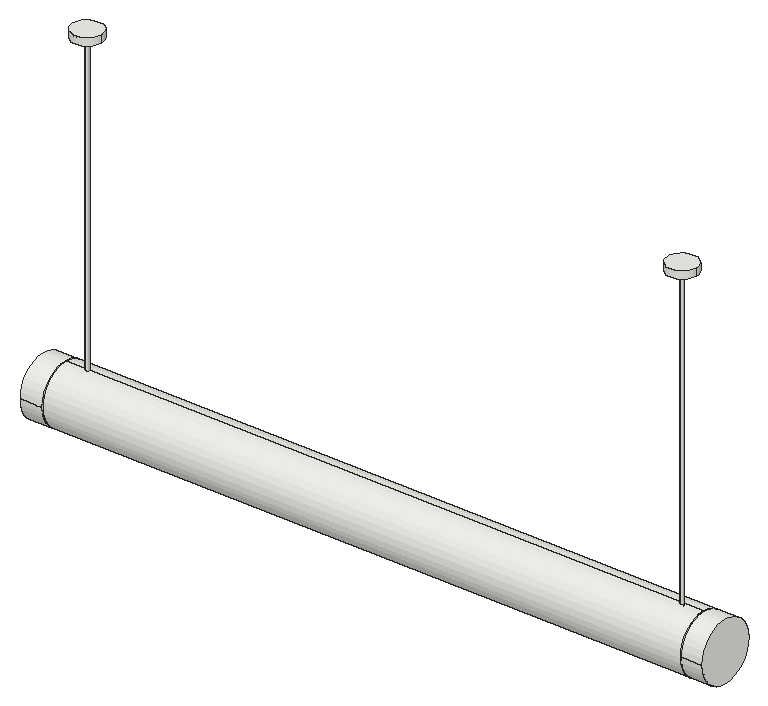
Revit family
Parameters (values of type "1200mm")
  Wattage = 40 W
  built-in parameter 1150110 = 1 (stored number, unit not read)
  built-in parameter 1114217 = 1 (stored number, unit not read)
  built-in parameter 1150109 = 1 (stored number, unit not read)
  built-in parameter 1150134 = 8
  built-in parameter 1150113 = 1 (stored number, unit not read)
  built-in parameter 1150115 = 1 (stored number, unit not read)
  built-in parameter 1150105 = 1002.7 (stored number, unit not read)
  Light Source Symbol Size = 609.6 mm
  built-in parameter 1150137 = (empty or 0)
  built-in parameter 1150139 = (empty or 0)
  built-in parameter 1150112 = 1 (stored number, unit not read)
  built-in parameter 1150114 = 1 (stored number, unit not read)
  Lamp = "T-12"
  built-in parameter 1150132 = (empty or 0)
  built-in parameter 1150102 = (empty or 0)
  built-in parameter 1150138 = (empty or 0)
  built-in parameter 1150107 = 4230 (stored number, unit not read)
  built-in parameter 1150106 = 10.027 (stored number, unit not read)
  Emit from Line Length = 길이  # 1200 mm
  built-in parameter 1150104 = 7.3161 (stored number, unit not read)
  Dimming Lamp Color Temperature Shift = (empty or 0)
  Color Filter = 16777215
  천장 장착 = 금속 - 페인트 마감 - 아이보리색, 광택
  디퓨저 = 유리 - 흰색, 높은 휘도
  길이 = 1200 mm
  조명 케이싱 = 금속 - 페인트 마감 - 아이보리색, 광택
  조명 설비 높이 = 1800 mm
  Lumens = 3150 lm
  built-in parameter 1114218 = 1 (stored number, unit not read)
  built-in parameter 1150133 = 10 (stored number, unit not read)
Types (3, lengths in mm): name | Wattage | built-in parameter 1150105 | built-in parameter 1150106 | Emit from Line Length | built-in parameter 1150104 | 길이 | Lumens
  (no name) | 40 W | 1002.7 (stored number, unit not read) | 10.027 (stored number, unit not read) | 1200 | 7.3161 (stored number, unit not read) | 1200 | 3150 lm
  1200mm | 40 W | 1002.7 (stored number, unit not read) | 10.027 (stored number, unit not read) | 1200 | 7.3161 (stored number, unit not read) | 1200 | 3150 lm
  2400mm | 64 W | 1909.9 (stored number, unit not read) | 19.099 (stored number, unit not read) | 2400 | 8.7097 (stored number, unit not read) | 2400 | 6000 lm
Reference planes
  plane 1 "광원 축": y = 0
  plane 2 "천장": z = 2425.7
  plane 3 "광원 축": x = 0
  plane 4 "광원 입면도": z = 1825.4
  plane 5: x = -600
  plane 6: x = 600
  plane 7: x = -523.8
  plane 8: x = 523.8
  plane 9: x = -523.888
  plane 10: x = 523.8
  plane 11: z = 2438.4
  plane 12: z = 1800
  plane 13: z = 1901.6
  plane 14: z = 1850.8
  plane 15: x = -561.9
  plane 16: x = 562.108
  plane 17: z = 1812.7
Forms (mm)
  Extrusion 1, solid, material "금속 - 페인트 마감 - 아이보리색, 광택" <- "천장 장착"
    sketch origin (0, 0, 1825.4) x (0, -1, 0) y (1, 0, 0)
      loop
        circle (0, -523.8) r 3.175
      loop
        circle (0, 523.8) r 3.175
    from 63.5 to 600.3
  Extrusion 2, solid, material "금속 - 페인트 마감 - 아이보리색, 광택" <- "천장 장착"
    sketch origin (0, 0, 0) x (1, 0, 0) y (0, 1, 0)
      loop
        circle (-523.888, 0) r 25.4
      loop
        circle (523.8, 0) r 25.4
    from 2438.4 to 2425.7
  Extrusion 3, solid, material "금속 - 페인트 마감 - 아이보리색, 광택" <- "조명 케이싱"
    sketch origin (0, 0, 0) x (0, 1, 0) y (0, 0, 1)
      loop
        arc (0, 1901.6) -> (-49.069, 1863.948) -> (-25.4, 1806.806) r 50.8
        line (-25.4, 1806.806) -> (-25.4, 1838.1) -> (25.4, 1838.1) -> (25.4, 1806.806)
        arc (25.4, 1806.806) -> (49.069, 1863.948) -> (0, 1901.6) r 50.8
    from -561.9 to 562.108
  Extrusion 4, solid, material "금속 - 페인트 마감 - 아이보리색, 광택" <- "조명 케이싱"
    sketch origin (-561.9, 0, 0) x (0, -1, 0) y (0, 0, 1)
      loop
        circle (1.117, 1850.8) r 50.812
    from 0 to 38.1
  Extrusion 5, solid, material "금속 - 페인트 마감 - 아이보리색, 광택" <- "조명 케이싱"
    sketch origin (562.108, 0, 0) x (0, 1, 0) y (0, 0, 1)
      loop
        circle (0, 1850.8) r 50.8
    from 0 to 37.892
  Extrusion 6, solid, material "유리 - 흰색, 높은 휘도" <- "디퓨저"
    sketch origin (0, 0, 0) x (1, 0, 0) y (0, 1, 0)
      loop
        line (-561.9, 25.4) -> (-561.9, -25.4) -> (562.108, -25.4) -> (562.108, 25.4) -> (-561.9, 25.4)
    from 1812.7 to 1825.4
Lines and regions (mm)
  sketch lines
    curve 1: line (-1524, 1524, 0) -> (1524, 1524, 0)
    curve 2: line (-1524, 1524, 0) -> (-1524, -1524, 0)
    curve 3: line (-1524, -1524, 0) -> (1524, -1524, 0)
    curve 4: line (1524, 1524, 0) -> (1524, -1524, 0)
  symbolic lines
    curve 5: line (600, 63.5, 2425.7) -> (-600, 63.5, 2425.7)
    curve 6: line (600, -63.5, 2425.7) -> (600, 63.5, 2425.7)
    curve 7: line (-600, -63.5, 2425.7) -> (600, -63.5, 2425.7)
    curve 8: line (-600, 63.5, 2425.7) -> (-600, -63.5, 2425.7)
    curve 9: arc (-498.488, 0, 2425.7) -> (-523.888, 25.4, 2425.7) -> (-549.288, 0, 2425.7) r 25.4
    curve 10: arc (-549.288, 0, 2425.7) -> (-523.888, -25.4, 2425.7) -> (-498.488, 0, 2425.7) r 25.4
    curve 11: arc (498.4, 0, 2425.7) -> (523.8, -25.4, 2425.7) -> (549.2, 0, 2425.7) r 25.4
    curve 12: arc (549.2, 0, 2425.7) -> (523.8, 25.4, 2425.7) -> (498.4, 0, 2425.7) r 25.4
Dimensions and locks
  equal spacing: curve 2, plane 3 "광원 축", curve 4
  equal spacing: curve 3, plane 1 "광원 축", curve 1
  curve 2 to curve 4 = 3048 mm
  curve 3 to curve 1 = 3048 mm
  "길이": plane 5 to plane 6
  equal spacing: plane 5, plane 3 "광원 축", plane 6
  locked: plane 5 to plane 7 at 76.2
  locked: plane 8 to plane 6 at 76.2
  locked: plane 5 to plane 9 at 76.112
  locked: plane 10 to plane 6 at 76.2
  "조명 설비 높이": level to plane 12
  plane 12 to plane 4 "광원 입면도" = 25.4 mm
  plane 12 to plane 13 = 101.6 mm
  equal spacing: plane 12, plane 14, plane 13
  locked: plane 5 to plane 15 at 38.1
  locked: plane 16 to plane 6 at 37.892
  locked: plane 11 to plane 2 "천장" at 12.7
  locked: plane 4 "광원 입면도" to Extrusion 3 sketch curve at 12.7
  plane 17 to plane 4 "광원 입면도" = 12.7 mm
  aligned and locked: plane 2 "천장" to Extrusion 1
  aligned and locked: plane 2 "천장" to Extrusion 2
  aligned and locked: plane 11 to Extrusion 2
  aligned and locked: plane 5 to curve 8
  aligned and locked: curve 9 to Extrusion 2
  aligned and locked: curve 11 to Extrusion 2
  aligned and locked: Extrusion 3 to plane 16
  aligned and locked: plane 15 to Extrusion 3
  aligned and locked: plane 5 to Extrusion 4
  aligned and locked: Extrusion 5 to plane 6
  aligned and locked: Extrusion 3 to Extrusion 6 sketch curve
  aligned and locked: Extrusion 6 sketch curve to Extrusion 3  (x3)
  aligned and locked: Extrusion 6 to plane 4 "광원 입면도"
  aligned and locked: Extrusion 6 to plane 17
  aligned and locked: plane 3 "광원 축" to imposter light
  aligned and locked: plane 1 "광원 축" to imposter light
  aligned and locked: plane 4 "광원 입면도" to imposter light
Automatic sketch dimensions
  Extrusion 1 sketch curve to plane 8 = 0 mm
  Extrusion 1 sketch curve to plane 7 = 0 mm
  Extrusion 1 sketch curve to plane 1 "광원 축" = 0 mm  (x2)
  Extrusion 1 sketch curve to plane 1 "광원 축" = 3.175 mm  (x2)
  Extrusion 2 sketch curve to plane 1 "광원 축" = 0 mm  (x2)
  Extrusion 2 sketch curve to plane 9 = 0 mm
  Extrusion 2 sketch curve to plane 10 = 0 mm
  Extrusion 2 sketch curve to plane 9 = 25.4 mm
  Extrusion 2 sketch curve to plane 10 = 25.4 mm
  curve 6 to plane 6 = 0 mm
  plane 1 "광원 축" to curve 7 = 63.5 mm
  curve 5 to plane 1 "광원 축" = 63.5 mm
  Extrusion 3 sketch curve to plane 1 "광원 축" = 0 mm
  Extrusion 3 sketch curve to plane 14 = 0 mm  (x2)
  plane 1 "광원 축" to Extrusion 3 sketch curve = 25.4 mm
  Extrusion 3 sketch curve to plane 1 "광원 축" = 25.4 mm
  Extrusion 3 sketch curve to plane 13 = 0 mm
  Extrusion 4 sketch curve to plane 14 = 0 mm
  Extrusion 4 sketch curve to plane 1 "광원 축" = 49.696 mm
  plane 1 "광원 축" to Extrusion 4 sketch curve = 1.117 mm
  Extrusion 5 sketch curve to plane 14 = 0 mm
  Extrusion 5 sketch curve to plane 1 "광원 축" = 0 mm
  plane 1 "광원 축" to Extrusion 5 sketch curve = 50.8 mm
